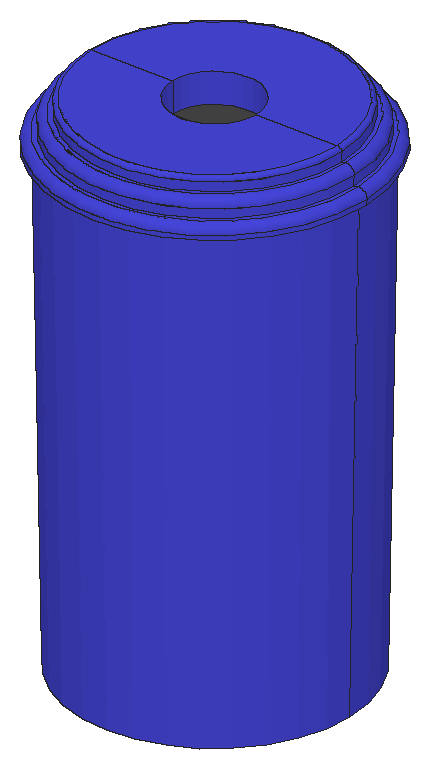
Revit family "e9e449831f974c7f81828a462f0cfb99", category Specialty Equipment, Revit 2021
Family settings
  Round Connector Dimension = Use Diameter
  Part Type = Normal
  OmniClass Number = 23.15.30.21.11
  OmniClass Title = Bins
  Seek Item ID = Recycle Bin-Round-0000-USA-ENU
  Work Plane-Based = No
  Always vertical = Yes
  Cut with Voids When Loaded = No
  Shared = No
  Room Calculation Point = No
Parameters
  Default Elevation = 0' - 0"
Reference planes (in)
  plane 1 "Center (Front/Back)": y = 0
  plane 2: z = 0
  plane 3 "Center (Left/Right)": x = 0
  plane 4: x = -8.5
  plane 5: x = 8.5
  plane 6: y = 8.5
  plane 7: y = -8.5
Forms (in)
  Blend 1, solid, material "Plastic - Blue"
    base sketch origin (0, 0, 0) x (1, 0, 0) y (0, 1, 0)
      loop
        circle (0, 0) r 8
    top sketch origin (0, 0, 0) x (1, 0, 0) y (0, 1, 0)
      loop
        circle (0, 0) r 8.5
    from 0 to 27.5
  Revolve 2, solid, material "Plastic - Blue"
    sketch origin (0, 0, 0) x (1, 0, 0) y (0, 0, 1)
      loop
        line (0, 27.5) -> (9, 27.5) -> (9, 27.75)
        arc (9, 27.75) -> (8.85355, 28.10355) -> (8.5, 28.25) r 0.5
        line (8.5, 28.25) -> (8.25, 28.25) -> (8.25, 28.75)
        arc (8.25, 28.75) -> (8.10355, 29.10355) -> (7.75, 29.25) r 0.5
        line (7.75, 29.25) -> (7.5, 29.25) -> (7.5, 29.75)
        arc (7.5, 29.75) -> (7.42678, 29.92678) -> (7.25, 30) r 0.25
        line (7.25, 30) -> (2.5, 30) -> (2.5, 28.25) -> (0, 28.25) -> (0, 27.5)
      axis (0, 27.5) -> (0, 30)
    angle from 0 to 360
Lines and regions (in)
  symbolic lines, detail levels medium+fine
    curve 1: line (-1.5816, -10.375, 19.79378) -> (-0.60497, -10.375, 21.48535)
    curve 2: line (-0.60497, -10.375, 21.48535) -> (0.7816, -10.375, 21.48535)
    curve 3: line (0.7816, -10.375, 21.48535) -> (1.50003, -10.375, 20.24099)
    curve 4: line (1.50003, -10.375, 20.24099) -> (1.95511, -10.375, 20.508)
    curve 5: line (1.95511, -10.375, 20.508) -> (1.34961, -10.375, 19.2834)
    curve 6: line (1.34961, -10.375, 19.2834) -> (-0.01512, -10.375, 19.36821)
    curve 7: line (-0.01512, -10.375, 19.36821) -> (0.45732, -10.375, 19.64541)
    curve 8: line (0.45732, -10.375, 19.64541) -> (-0.59403, -10.375, 21.43723)
    curve 9: line (0.0954, -10.375, 20.26224) -> (-0.53427, -10.375, 19.1891)
    curve 10: line (-0.53427, -10.375, 19.1891) -> (-1.5816, -10.375, 19.79378)
    curve 11: line (1.11449, -10.375, 18.67656) -> (2.16836, -10.375, 19.28501)
    curve 12: line (2.16836, -10.375, 19.28501) -> (3.14527, -10.375, 17.59297)
    curve 13: line (3.14527, -10.375, 17.59297) -> (2.44778, -10.375, 16.40424)
    curve 14: line (2.44778, -10.375, 16.40424) -> (1.02927, -10.375, 16.40424)
    curve 15: line (1.02927, -10.375, 16.40424) -> (1.02927, -10.375, 15.83199)
    curve 16: line (1.02927, -10.375, 15.83199) -> (0.25622, -10.375, 16.99156)
    curve 17: line (0.25622, -10.375, 16.99156) -> (1.02056, -10.375, 18.13807)
    curve 18: line (1.02056, -10.375, 18.13807) -> (1.02056, -10.375, 17.58845)
    curve 19: line (1.02056, -10.375, 17.58845) -> (1.75294, -10.375, 17.58845)
    curve 20: line (1.11449, -10.375, 18.67656) -> (2.44778, -10.375, 16.40424)
    curve 21: line (-2.61754, -10.375, 19.02445) -> (-1.17168, -10.375, 19.1075)
    curve 22: line (-1.17168, -10.375, 19.1075) -> (-0.57187, -10.375, 17.87266)
    curve 23: line (-0.57187, -10.375, 17.87266) -> (-1.0451, -10.375, 18.14147)
    curve 24: line (-1.0451, -10.375, 18.14147) -> (-1.41176, -10.375, 17.49598)
    curve 25: line (-2.79093, -10.375, 17.49598) -> (-0.16176, -10.375, 17.49598)
    curve 26: line (-0.16176, -10.375, 17.49598) -> (-0.16176, -10.375, 16.32004)
    curve 27: line (-0.16176, -10.375, 16.32004) -> (-2.11201, -10.375, 16.32004)
    curve 28: line (-2.11201, -10.375, 16.32004) -> (-2.79093, -10.375, 17.49598)
    curve 29: line (-2.79093, -10.375, 17.49598) -> (-2.09196, -10.375, 18.76458)
    curve 30: line (-2.09196, -10.375, 18.76458) -> (-2.61754, -10.375, 19.02445)
  symbolic lines, not visible, detail levels medium+fine
    curve 31: line (-1.5816, -10.375, 18.54378) -> (-0.60497, -10.375, 20.23535)
    curve 32: line (-0.60497, -10.375, 20.23535) -> (0.7816, -10.375, 20.23535)
    curve 33: line (0.7816, -10.375, 20.23535) -> (1.50003, -10.375, 18.99099)
    curve 34: line (1.50003, -10.375, 18.99099) -> (1.95511, -10.375, 19.258)
    curve 35: line (1.95511, -10.375, 19.258) -> (1.34961, -10.375, 18.0334)
    curve 36: line (1.34961, -10.375, 18.0334) -> (-0.01512, -10.375, 18.11821)
    curve 37: line (-0.01512, -10.375, 18.11821) -> (0.45732, -10.375, 18.39541)
    curve 38: line (0.45732, -10.375, 18.39541) -> (-0.59403, -10.375, 20.18723)
    curve 39: line (0.0954, -10.375, 19.01224) -> (-0.53427, -10.375, 17.9391)
    curve 40: line (-0.53427, -10.375, 17.9391) -> (-1.5816, -10.375, 18.54378)
    curve 41: line (1.11449, -10.375, 17.42656) -> (2.16836, -10.375, 18.03501)
    curve 42: line (2.16836, -10.375, 18.03501) -> (3.14527, -10.375, 16.34297)
    curve 43: line (3.14527, -10.375, 16.34297) -> (2.44778, -10.375, 15.15424)
    curve 44: line (2.44778, -10.375, 15.15424) -> (1.02927, -10.375, 15.15424)
    curve 45: line (1.02927, -10.375, 15.15424) -> (1.02927, -10.375, 14.58199)
    curve 46: line (1.02927, -10.375, 14.58199) -> (0.25622, -10.375, 15.74156)
    curve 47: line (0.25622, -10.375, 15.74156) -> (1.02056, -10.375, 16.88807)
    curve 48: line (1.02056, -10.375, 16.88807) -> (1.02056, -10.375, 16.33845)
    curve 49: line (1.02056, -10.375, 16.33845) -> (1.75294, -10.375, 16.33845)
    curve 50: line (1.11449, -10.375, 17.42656) -> (2.44778, -10.375, 15.15424)
    curve 51: line (-2.61754, -10.375, 17.77445) -> (-1.17168, -10.375, 17.8575)
    curve 52: line (-1.17168, -10.375, 17.8575) -> (-0.57187, -10.375, 16.62266)
    curve 53: line (-0.57187, -10.375, 16.62266) -> (-1.0451, -10.375, 16.89147)
    curve 54: line (-1.0451, -10.375, 16.89147) -> (-1.41176, -10.375, 16.24598)
    curve 55: line (-2.79093, -10.375, 16.24598) -> (-0.16176, -10.375, 16.24598)
    curve 56: line (-0.16176, -10.375, 16.24598) -> (-0.16176, -10.375, 15.07004)
    curve 57: line (-0.16176, -10.375, 15.07004) -> (-2.11201, -10.375, 15.07004)
    curve 58: line (-2.11201, -10.375, 15.07004) -> (-2.79093, -10.375, 16.24598)
    curve 59: line (-2.79093, -10.375, 16.24598) -> (-2.09196, -10.375, 17.51458)
    curve 60: line (-2.09196, -10.375, 17.51458) -> (-2.61754, -10.375, 17.77445)
  symbolic lines
    curve 61: circle (0, 0, 0) r 2.5 normal (0, 0, 1)
    curve 62: arc (7.5, 0, 0) -> (0, 7.5, 0) -> (-7.5, 0, 0) r 7.5
    curve 63: arc (-7.5, 0, 0) -> (0, -7.5, 0) -> (7.5, 0, 0) r 7.5
Dimensions and locks (in)
  locked: Revolve 2 to curve 2 at 6.01465
